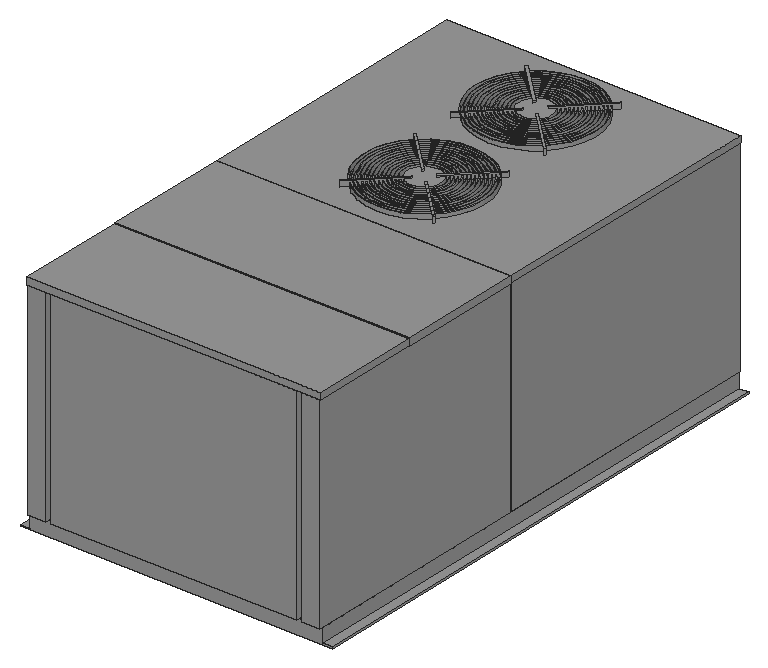
Revit family "CU-4", category Mechanical Equipment, host Face, Revit 2025
Family settings
  Host = Face
  Round Connector Dimension = Use Diameter
  Classification = None
  Part Type = Normal
  Cut with Voids When Loaded = No
  Maintain Annotation Orientation = No
  Shared = No
  Room Calculation Point = No
Parameters (values of type "MAC8X")
  x = 18.000"
  Width = 44.160"
  URL = "https://assets.heatcraftrpd.com/literature/installation-and-operation-manual/other/current/H-IM-67H.pdf"
  Model = "MAC 8X"
  Material = Aluminum 1100-O
  Manufacturer = "BOHN"
  Length = 78.780"
  Grill Material = Steel, Paint Finish, Dark Gray
  Default Elevation = 48.000"
Reference planes (in)
  plane 1 "Center (Front/Back)": y = 0
  plane 2: z = 0
  plane 3 "Center (Left/Right)": x = 0
  plane 4: z = 33.19
  plane 5: y = -3.63
  plane 6: z = 34.19
  plane 7: y = -22.93
  plane 8: y = 37.65625
  plane 9: x = -42.34375
  plane 10: x = -41.03125
  plane 11: x = -31.02125
  plane 12: x = -31.52125
  plane 13: x = -32.02125
  plane 14: x = -32.52125
  plane 15: x = -33.02125
  plane 16: x = -33.52125
  plane 17: x = -34.02125
  plane 18: x = -34.52125
  plane 19: x = -35.02125
  plane 20: x = -35.52125
  plane 21: x = -36.02125
  plane 22: x = -36.52125
  plane 23: x = -37.02125
  plane 24: x = -14.71875
  plane 25: x = -16.03125
  plane 26: y = 51.46875
  plane 27: y = 50.15625
  plane 28: y = 23.84375
  plane 29: y = 25.15625
  plane 30: x = -28.53125
  plane 31: through (0, 28.57, 48) normal (0.7071, 0.7071, 0)
  plane 32: through (-8.71898, 39.38485, 90.315) normal (0.7071, -0.7071, 0)
  plane 33: through (-8.83883, 37.40883, 90.315) normal (-0.7071, 0.7071, 0)
  plane 34: through (-1.7607, 30.3307, 48) normal (-0.7071, 0.7071, 0)
  plane 35: through (-2.11425, 30.68425, 48) normal (-0.7071, 0.7071, 0)
  plane 36: through (-2.4678, 31.0378, 48) normal (-0.7071, 0.7071, 0)
  plane 37: through (-2.82136, 31.39136, 48) normal (-0.7071, 0.7071, 0)
  plane 38: through (-3.17491, 31.74491, 48) normal (-0.7071, 0.7071, 0)
  plane 39: through (-3.52846, 32.09846, 48) normal (-0.7071, 0.7071, 0)
  plane 40: through (-3.88202, 32.45202, 48) normal (-0.7071, 0.7071, 0)
  plane 41: through (-4.23557, 32.80557, 48) normal (-0.7071, 0.7071, 0)
  plane 42: through (-4.58912, 33.15912, 48) normal (-0.7071, 0.7071, 0)
  plane 43: through (-4.94268, 33.51268, 48) normal (-0.7071, 0.7071, 0)
  plane 44: through (-5.29623, 33.86623, 48) normal (-0.7071, 0.7071, 0)
  plane 45: through (-5.64978, 34.21978, 48) normal (-0.7071, 0.7071, 0)
  plane 46: through (-6.00334, 34.57334, 48) normal (-0.7071, 0.7071, 0)
  plane 47: through (10.81485, 19.85102, 90.315) normal (0.7071, -0.7071, 0)
  plane 48: through (8.83883, 19.73117, 90.315) normal (-0.7071, 0.7071, 0)
  plane 49: through (8.71898, 39.38485, 90.315) normal (0.7071, 0.7071, 0)
  plane 50: through (8.83883, 37.40883, 90.315) normal (-0.7071, -0.7071, 0)
  plane 51: through (-10.81485, 19.85102, 90.315) normal (0.7071, 0.7071, 0)
  plane 52: through (-8.83883, 19.73117, 90.315) normal (-0.7071, -0.7071, 0)
  plane 53: through (7.07107, 35.64107, 48) normal (0.7071, -0.7071, 0)
  plane 54: through (0, 7.65693, 48) normal (0.7071, 0.7071, 0)
  plane 55: through (-8.71898, 18.47178, 90.315) normal (0.7071, -0.7071, 0)
  plane 56: through (-8.83883, 16.49577, 90.315) normal (-0.7071, 0.7071, 0)
  plane 57: through (-1.7607, 9.41763, 48) normal (-0.7071, 0.7071, 0)
  plane 58: through (-2.11425, 9.77118, 48) normal (-0.7071, 0.7071, 0)
  plane 59: through (-2.4678, 10.12474, 48) normal (-0.7071, 0.7071, 0)
  plane 60: through (-2.82136, 10.47829, 48) normal (-0.7071, 0.7071, 0)
  plane 61: through (-3.17491, 10.83184, 48) normal (-0.7071, 0.7071, 0)
  plane 62: through (-3.52846, 11.1854, 48) normal (-0.7071, 0.7071, 0)
  plane 63: through (-3.88202, 11.53895, 48) normal (-0.7071, 0.7071, 0)
  plane 64: through (-4.23557, 11.8925, 48) normal (-0.7071, 0.7071, 0)
  plane 65: through (-4.58912, 12.24606, 48) normal (-0.7071, 0.7071, 0)
  plane 66: through (-4.94268, 12.59961, 48) normal (-0.7071, 0.7071, 0)
  plane 67: through (-5.29623, 12.95316, 48) normal (-0.7071, 0.7071, 0)
  plane 68: through (-5.64978, 13.30672, 48) normal (-0.7071, 0.7071, 0)
  plane 69: through (-6.00334, 13.66027, 48) normal (-0.7071, 0.7071, 0)
  plane 70: through (10.81485, -1.06204, 90.315) normal (0.7071, -0.7071, 0)
  plane 71: through (8.83883, -1.1819, 90.315) normal (-0.7071, 0.7071, 0)
  plane 72: through (8.71898, 18.47178, 90.315) normal (0.7071, 0.7071, 0)
  plane 73: through (8.83883, 16.49577, 90.315) normal (-0.7071, -0.7071, 0)
  plane 74: through (-10.81485, -1.06204, 90.315) normal (0.7071, 0.7071, 0)
  plane 75: through (-8.83883, -1.1819, 90.315) normal (-0.7071, -0.7071, 0)
  plane 76: through (7.07107, 14.728, 48) normal (0.7071, -0.7071, 0)
Forms (in)
  Extrusion 1, solid, material "Aluminum 1100-O" <- "Material"
    sketch origin (0, 0, 0) x (1, 0, 0) y (0, 0, 1)
      loop
        line (21.93, 2.3) -> (-21.93, 2.3) -> (-21.93, 0.2) -> (-23.43, 0.2) -> (-23.43, 0) -> (23.43, 0) -> (23.43, 0.2) -> (21.93, 0.2) -> (21.93, 2.3)
    from -39.19 to 38.89
  Extrusion 2, solid, material "Aluminum 1100-O" <- "Material"
    sketch origin (-11, 0, 0) x (1, 0, 0) y (0, 1, 0)
      loop
        line (-8.23, -3.63) -> (-10.93, -3.63) -> (-10.93, -39.39) -> (-8.23, -39.39) -> (-8.23, -3.63)
    from 2.3 to 33.19
  Extrusion 3, solid, material "Aluminum 1100-O" <- "Material"
    sketch origin (30.16, 0, 0) x (1, 0, 0) y (0, 1, 0)
      loop
        line (-8.23, -3.63) -> (-10.93, -3.63) -> (-10.93, -39.39) -> (-8.23, -39.39) -> (-8.23, -3.63)
    from 2.3 to 33.19
  Extrusion 4, solid, material "Aluminum 1100-O" <- "Material"
    sketch origin (4, 46.5, 0) x (1, 0, 0) y (0, 1, 0)
      loop
        line (14.5, -7.11) -> (-22.5, -7.11) -> (-22.5, -85.89) -> (14.5, -85.89) -> (14.5, -7.11)
    from 2.3 to 33.19
  Extrusion 5, solid, material "Aluminum 1100-O" <- "Material"
    sketch origin (30.16, 43.25, 0) x (1, 0, 0) y (0, 1, 0)
      loop
        line (-8.23, -3.86) -> (-10.93, -3.86) -> (-10.93, -46.49146) -> (-8.23, -46.49146) -> (-8.23, -3.86)
    from 2.3 to 33.19
  Extrusion 6, solid, material "Aluminum 1100-O" <- "Material"
    sketch origin (-11.09, 43.25, 0) x (1, 0, 0) y (0, 1, 0)
      loop
        line (-8.14, -3.86) -> (-10.84, -3.86) -> (-10.84, -46.49146) -> (-8.14, -46.49146) -> (-8.14, -3.86)
    from 2.3 to 33.19
  Extrusion 7, solid, material "Aluminum 1100-O" <- "Material"
    sketch origin (0, 0, 0) x (1, 0, 0) y (0, 1, 0)
      loop
        line (-22.08, 39.39) -> (-22.08, -3.63) -> (22.08, -3.63) -> (22.08, 39.39) -> (-22.08, 39.39)
    from 33.19 to 34.19
  Extrusion 8, solid, material "Aluminum 1100-O" <- "Material"
    sketch origin (0, -43.02, 0) x (1, 0, 0) y (0, 1, 0)
      loop
        line (-22.08, 20.09) -> (-22.08, 3.63) -> (22.08, 3.63) -> (22.08, 20.09) -> (-22.08, 20.09)
    from 33.19 to 34.19
  Extrusion 9, solid, material "Steel, Paint Finish, Dark Gray" <- "Grill Material", not visible
    sketch origin (0, 0, 54.625) x (1, 0, 0) y (0, 1, 0)
      loop
        circle (-28.53125, 37.65625) r 2.49
      loop
        circle (-28.53125, 37.65625) r 3
      loop
        circle (-28.53125, 37.65625) r 3.49
      loop
        circle (-28.53125, 37.65625) r 3.99
      loop
        circle (-28.53125, 37.65625) r 4.49
      loop
        circle (-28.53125, 37.65625) r 4.99
      loop
        circle (-28.53125, 37.65625) r 5.49
      loop
        circle (-28.53125, 37.65625) r 5.99
      loop
        circle (-28.53125, 37.65625) r 6.49
      loop
        circle (-28.53125, 37.65625) r 6.99
      loop
        circle (-28.53125, 37.65625) r 7.49
      loop
        circle (-28.53125, 37.65625) r 7.99
      loop
        circle (-28.53125, 37.65625) r 8.49
      loop
        circle (-28.53125, 37.65625) r 8.99
      loop
        circle (-28.53125, 37.65625) r 3.43
      loop
        circle (-28.53125, 37.65625) r 3.93
      loop
        circle (-28.53125, 37.65625) r 4.43
      loop
        circle (-28.53125, 37.65625) r 4.93
      loop
        circle (-28.53125, 37.65625) r 5.43
      loop
        circle (-28.53125, 37.65625) r 5.93
      loop
        circle (-28.53125, 37.65625) r 6.43
      loop
        circle (-28.53125, 37.65625) r 6.93
      loop
        circle (-28.53125, 37.65625) r 7.43
      loop
        circle (-28.53125, 37.65625) r 7.93
      loop
        circle (-28.53125, 37.65625) r 8.43
      loop
        circle (-28.53125, 37.65625) r 8.93
      loop
        circle (-28.53125, 37.65625) r 2.94
    from 0 to 0.625
  Extrusion 10, solid, material "Steel, Paint Finish, Dark Gray" <- "Grill Material", not visible
    sketch origin (0, 0, 55.75) x (1, 0, 0) y (0, 1, 0)
      loop
        line (-38.53125, 37.78125) -> (-38.53125, 37.53125) -> (-30.02125, 37.53125) -> (-30.02125, 37.78125) -> (-38.53125, 37.78125)
    from -1.125 to -0.3427
  Extrusion 11, solid, material "Steel, Paint Finish, Dark Gray" <- "Grill Material", not visible
    sketch origin (-57.0625, 0, 55.75) x (-1, 0, 0) y (0, -1, 0)
      loop
        line (-38.53125, -37.78125) -> (-30.02125, -37.78125) -> (-30.02125, -37.53125) -> (-38.53125, -37.53125) -> (-38.53125, -37.78125)
    from -1.125 to -0.3427
  Extrusion 12, solid, material "Steel, Paint Finish, Dark Gray" <- "Grill Material", not visible
    sketch origin (9.125, 9.125, 55.75) x (0, -1, 0) y (1, 0, 0)
      loop
        line (-38.53125, -37.78125) -> (-30.02125, -37.78125) -> (-30.02125, -37.53125) -> (-38.53125, -37.53125) -> (-38.53125, -37.78125)
    from -1.125 to -0.3427
  Extrusion 13, solid, material "Steel, Paint Finish, Dark Gray" <- "Grill Material", not visible
    sketch origin (9.125, 66.1875, 55.75) x (0, 1, 0) y (-1, 0, 0)
      loop
        line (-38.53125, 37.78125) -> (-38.53125, 37.53125) -> (-30.02125, 37.53125) -> (-30.02125, 37.78125) -> (-38.53125, 37.78125)
    from -1.125 to -0.3427
  Extrusion 14, solid, material "Steel, Paint Finish, Dark Gray" <- "Grill Material"
    sketch origin (-6.45235, -18.23163, 34.19) x (0.707107, -0.707107, 0) y (0.707107, 0.707107, 0)
      loop
        circle (-28.53125, 37.65625) r 2.49
      loop
        circle (-28.53125, 37.65625) r 3
      loop
        circle (-28.53125, 37.65625) r 3.49
      loop
        circle (-28.53125, 37.65625) r 3.99
      loop
        circle (-28.53125, 37.65625) r 4.49
      loop
        circle (-28.53125, 37.65625) r 4.99
      loop
        circle (-28.53125, 37.65625) r 5.49
      loop
        circle (-28.53125, 37.65625) r 5.99
      loop
        circle (-28.53125, 37.65625) r 6.49
      loop
        circle (-28.53125, 37.65625) r 6.99
      loop
        circle (-28.53125, 37.65625) r 7.49
      loop
        circle (-28.53125, 37.65625) r 7.99
      loop
        circle (-28.53125, 37.65625) r 8.49
      loop
        circle (-28.53125, 37.65625) r 8.99
      loop
        circle (-28.53125, 37.65625) r 3.43
      loop
        circle (-28.53125, 37.65625) r 3.93
      loop
        circle (-28.53125, 37.65625) r 4.43
      loop
        circle (-28.53125, 37.65625) r 4.93
      loop
        circle (-28.53125, 37.65625) r 5.43
      loop
        circle (-28.53125, 37.65625) r 5.93
      loop
        circle (-28.53125, 37.65625) r 6.43
      loop
        circle (-28.53125, 37.65625) r 6.93
      loop
        circle (-28.53125, 37.65625) r 7.43
      loop
        circle (-28.53125, 37.65625) r 7.93
      loop
        circle (-28.53125, 37.65625) r 8.43
      loop
        circle (-28.53125, 37.65625) r 8.93
      loop
        circle (-28.53125, 37.65625) r 2.94
    from 0 to 0.625
  Extrusion 15, solid, material "Steel, Paint Finish, Dark Gray" <- "Grill Material"
    sketch origin (-6.45235, -18.23163, 35.315) x (0.707107, -0.707107, 0) y (0.707107, 0.707107, 0)
      loop
        line (-38.53125, 37.78125) -> (-38.53125, 37.53125) -> (-30.02125, 37.53125) -> (-30.02125, 37.78125) -> (-38.53125, 37.78125)
    from -1.125 to -0.3427
  Extrusion 16, solid, material "Steel, Paint Finish, Dark Gray" <- "Grill Material"
    sketch origin (-46.80163, 22.11765, 35.315) x (-0.707107, 0.707107, 0) y (-0.707107, -0.707107, 0)
      loop
        line (-38.53125, -37.78125) -> (-30.02125, -37.78125) -> (-30.02125, -37.53125) -> (-38.53125, -37.53125) -> (-38.53125, -37.78125)
    from -1.125 to -0.3427
  Extrusion 17, solid, material "Steel, Paint Finish, Dark Gray" <- "Grill Material"
    sketch origin (6.45235, -18.23163, 35.315) x (-0.707107, -0.707107, 0) y (0.707107, -0.707107, 0)
      loop
        line (-38.53125, -37.78125) -> (-30.02125, -37.78125) -> (-30.02125, -37.53125) -> (-38.53125, -37.53125) -> (-38.53125, -37.78125)
    from -1.125 to -0.3427
  Extrusion 18, solid, material "Steel, Paint Finish, Dark Gray" <- "Grill Material"
    sketch origin (46.80163, 22.11765, 35.315) x (0.707107, 0.707107, 0) y (-0.707107, 0.707107, 0)
      loop
        line (-38.53125, 37.78125) -> (-38.53125, 37.53125) -> (-30.02125, 37.53125) -> (-30.02125, 37.78125) -> (-38.53125, 37.78125)
    from -1.125 to -0.3427
  Extrusion 19, solid, material "Steel, Paint Finish, Dark Gray" <- "Grill Material"
    sketch origin (-6.45235, -39.1447, 34.19) x (0.707107, -0.707107, 0) y (0.707107, 0.707107, 0)
      loop
        circle (-28.53125, 37.65625) r 2.49
      loop
        circle (-28.53125, 37.65625) r 3
      loop
        circle (-28.53125, 37.65625) r 3.49
      loop
        circle (-28.53125, 37.65625) r 3.99
      loop
        circle (-28.53125, 37.65625) r 4.49
      loop
        circle (-28.53125, 37.65625) r 4.99
      loop
        circle (-28.53125, 37.65625) r 5.49
      loop
        circle (-28.53125, 37.65625) r 5.99
      loop
        circle (-28.53125, 37.65625) r 6.49
      loop
        circle (-28.53125, 37.65625) r 6.99
      loop
        circle (-28.53125, 37.65625) r 7.49
      loop
        circle (-28.53125, 37.65625) r 7.99
      loop
        circle (-28.53125, 37.65625) r 8.49
      loop
        circle (-28.53125, 37.65625) r 8.99
      loop
        circle (-28.53125, 37.65625) r 3.43
      loop
        circle (-28.53125, 37.65625) r 3.93
      loop
        circle (-28.53125, 37.65625) r 4.43
      loop
        circle (-28.53125, 37.65625) r 4.93
      loop
        circle (-28.53125, 37.65625) r 5.43
      loop
        circle (-28.53125, 37.65625) r 5.93
      loop
        circle (-28.53125, 37.65625) r 6.43
      loop
        circle (-28.53125, 37.65625) r 6.93
      loop
        circle (-28.53125, 37.65625) r 7.43
      loop
        circle (-28.53125, 37.65625) r 7.93
      loop
        circle (-28.53125, 37.65625) r 8.43
      loop
        circle (-28.53125, 37.65625) r 8.93
      loop
        circle (-28.53125, 37.65625) r 2.94
    from 0 to 0.625
  Extrusion 20, solid, material "Steel, Paint Finish, Dark Gray" <- "Grill Material"
    sketch origin (-6.45235, -39.1447, 35.315) x (0.707107, -0.707107, 0) y (0.707107, 0.707107, 0)
      loop
        line (-38.53125, 37.78125) -> (-38.53125, 37.53125) -> (-30.02125, 37.53125) -> (-30.02125, 37.78125) -> (-38.53125, 37.78125)
    from -1.125 to -0.3427
  Extrusion 21, solid, material "Steel, Paint Finish, Dark Gray" <- "Grill Material"
    sketch origin (-46.80163, 1.20459, 35.315) x (-0.707107, 0.707107, 0) y (-0.707107, -0.707107, 0)
      loop
        line (-38.53125, -37.78125) -> (-30.02125, -37.78125) -> (-30.02125, -37.53125) -> (-38.53125, -37.53125) -> (-38.53125, -37.78125)
    from -1.125 to -0.3427
  Extrusion 22, solid, material "Steel, Paint Finish, Dark Gray" <- "Grill Material"
    sketch origin (6.45235, -39.1447, 35.315) x (-0.707107, -0.707107, 0) y (0.707107, -0.707107, 0)
      loop
        line (-38.53125, -37.78125) -> (-30.02125, -37.78125) -> (-30.02125, -37.53125) -> (-38.53125, -37.53125) -> (-38.53125, -37.78125)
    from -1.125 to -0.3427
  Extrusion 23, solid, material "Steel, Paint Finish, Dark Gray" <- "Grill Material"
    sketch origin (46.80163, 1.20459, 35.315) x (0.707107, 0.707107, 0) y (-0.707107, 0.707107, 0)
      loop
        line (-38.53125, 37.78125) -> (-38.53125, 37.53125) -> (-30.02125, 37.53125) -> (-30.02125, 37.78125) -> (-38.53125, 37.78125)
    from -1.125 to -0.3427
  Extrusion 24, solid, material "Aluminum 1100-O" <- "Material"
    sketch origin (-2.7, -26.56, 0) x (1, 0, 0) y (0, 1, 0)
      loop
        line (-19.38, 22.80369) -> (-19.38, 3.80802) -> (24.78, 3.80802) -> (24.78, 22.80369) -> (-19.38, 22.80369)
    from 33.19 to 34.19
  Extrusion 25, void
    sketch origin (0, 0, 0) x (1, 0, 0) y (0, 1, 0)
      loop
        circle (0, 28.57) r 8.99
      loop
        circle (0, 7.65693) r 8.99
    from 24.81227 to 34.19
Cuts and joins
  Extrusion 25 cuts Extrusion 1
  Extrusion 25 cuts Extrusion 4
  Extrusion 25 cuts Extrusion 8
  Extrusion 25 cuts Extrusion 24
  Extrusion 25 cuts Extrusion 7
Dimensions and locks (in)
  equal spacing: Extrusion 1 sketch curve, plane 3 "Center (Left/Right)", Extrusion 1 sketch curve
  Extrusion 1 sketch curve to Extrusion 1 sketch curve = 46.860"
  plane 4 to level = 33.190"
  Extrusion 4 sketch curve to Extrusion 4 sketch curve = 37.000"  (x2)
  plane 7 to Extrusion 8 = 16.460"
  Extrusion 24 sketch curve to Extrusion 24 sketch curve = 44.160"
  "Width": Extrusion 24 sketch curve to Extrusion 24 sketch curve
  aligned and locked: plane 2 to host face
  aligned and locked: level to host face
Automatic sketch dimensions
  Extrusion 9 sketch curve to Extrusion 9 sketch curve = 0.000"  (x702)
  Extrusion 9 sketch curve to plane 8 = 0.000"
  Extrusion 9 sketch curve to plane 11 = 2.490"
  plane 8 to Extrusion 10 sketch curve = 0.125"
  Extrusion 10 sketch curve to plane 10 = 2.500"
  Extrusion 10 sketch curve to plane 8 = 0.125"
  Extrusion 10 sketch curve to Extrusion 10 sketch curve = 8.510"
  Extrusion 14 sketch curve to Extrusion 14 sketch curve = 0.000"  (x702)
  Extrusion 14 sketch curve to plane 31 = 0.000"
  Extrusion 14 sketch curve to plane 34 = 2.490"
  plane 31 to Extrusion 15 sketch curve = 0.125"
  Extrusion 15 sketch curve to plane 33 = 2.500"
  Extrusion 15 sketch curve to plane 31 = 0.125"
  Extrusion 15 sketch curve to Extrusion 15 sketch curve = 8.510"
  plane 31 to Extrusion 16 sketch curve = 0.125"
  Extrusion 16 sketch curve to plane 48 = 2.500"
  Extrusion 16 sketch curve to plane 31 = 0.125"
  Extrusion 16 sketch curve to Extrusion 16 sketch curve = 8.510"
  Extrusion 17 sketch curve to plane 50 = 2.500"
  plane 31 to Extrusion 17 sketch curve = 1.490"
  Extrusion 17 sketch curve to Extrusion 17 sketch curve = 0.250"
  Extrusion 18 sketch curve to plane 52 = 2.500"
  Extrusion 18 sketch curve to plane 31 = 1.490"
  Extrusion 18 sketch curve to Extrusion 18 sketch curve = 0.250"
  Extrusion 19 sketch curve to Extrusion 19 sketch curve = 0.000"  (x702)
  Extrusion 19 sketch curve to plane 54 = 0.000"
  Extrusion 19 sketch curve to plane 57 = 2.490"
  plane 54 to Extrusion 20 sketch curve = 0.125"
  Extrusion 20 sketch curve to plane 56 = 2.500"
  Extrusion 20 sketch curve to plane 54 = 0.125"
  Extrusion 20 sketch curve to Extrusion 20 sketch curve = 8.510"
  plane 54 to Extrusion 21 sketch curve = 0.125"
  Extrusion 21 sketch curve to plane 71 = 2.500"
  Extrusion 21 sketch curve to plane 54 = 0.125"
  Extrusion 21 sketch curve to Extrusion 21 sketch curve = 8.510"
  Extrusion 22 sketch curve to plane 73 = 2.500"
  plane 54 to Extrusion 22 sketch curve = 1.490"
  Extrusion 22 sketch curve to Extrusion 22 sketch curve = 0.250"
  Extrusion 23 sketch curve to plane 75 = 2.500"
  Extrusion 23 sketch curve to plane 54 = 1.490"
  Extrusion 23 sketch curve to Extrusion 23 sketch curve = 0.250"
  host sketch curve to host sketch curve = 96.000"  (x2)
  Extrusion 1 sketch curve to level = 0.000"
  level to Extrusion 1 sketch curve = 0.200"  (x2)
  Extrusion 1 sketch curve to Extrusion 1 sketch curve = 1.500"  (x2)
  Extrusion 1 sketch curve to Extrusion 1 sketch curve = 2.100"
  Extrusion 2 sketch curve to plane 5 = 0.000"
  Extrusion 2 sketch curve to plane 3 "Center (Left/Right)" = 21.930"
  Extrusion 2 sketch curve to Extrusion 2 sketch curve = 2.700"
  Extrusion 2 sketch curve to plane 7 = 16.460"
  Extrusion 3 sketch curve to plane 5 = 0.000"
  plane 3 "Center (Left/Right)" to Extrusion 3 sketch curve = 19.230"
  Extrusion 3 sketch curve to Extrusion 3 sketch curve = 2.700"
  Extrusion 3 sketch curve to plane 7 = 16.460"
  Extrusion 4 sketch curve to plane 3 "Center (Left/Right)" = 18.500"
  Extrusion 4 sketch curve to plane 7 = 16.460"
  Extrusion 4 sketch curve to plane 1 "Center (Front/Back)" = 39.390"
  plane 3 "Center (Left/Right)" to Extrusion 5 sketch curve = 19.230"
  plane 5 to Extrusion 5 sketch curve = 0.38854"
  Extrusion 5 sketch curve to Extrusion 5 sketch curve = 2.700"
  Extrusion 5 sketch curve to plane 1 "Center (Front/Back)" = 39.390"
  Extrusion 6 sketch curve to plane 3 "Center (Left/Right)" = 21.930"
  plane 5 to Extrusion 6 sketch curve = 0.38854"
  Extrusion 6 sketch curve to Extrusion 6 sketch curve = 2.700"
  Extrusion 6 sketch curve to plane 1 "Center (Front/Back)" = 39.390"
  Extrusion 8 sketch curve to plane 7 = 0.000"
  Extrusion 8 sketch curve to plane 7 = 16.460"
  Extrusion 8 sketch curve to plane 3 "Center (Left/Right)" = 22.080"
  plane 3 "Center (Left/Right)" to Extrusion 8 sketch curve = 22.080"
  Extrusion 7 sketch curve to plane 5 = 0.000"
  Extrusion 7 sketch curve to plane 1 "Center (Front/Back)" = 39.390"
  Extrusion 7 sketch curve to plane 3 "Center (Left/Right)" = 22.080"
  plane 3 "Center (Left/Right)" to Extrusion 7 sketch curve = 22.080"
  Extrusion 25 sketch curve to plane 3 "Center (Left/Right)" = 0.000"  (x2)
  Extrusion 25 sketch curve to plane 54 = 0.000"
  Extrusion 25 sketch curve to plane 31 = 0.000"
  plane 7 to Extrusion 24 sketch curve = 0.17802"
  Extrusion 24 sketch curve to plane 3 "Center (Left/Right)" = 22.080"
  Extrusion 24 sketch curve to plane 5 = 0.12631"
  radius of Extrusion 9 sketch curve = 2.490"
  radius of Extrusion 9 sketch curve = 3.000"
  radius of Extrusion 9 sketch curve = 3.490"
  radius of Extrusion 9 sketch curve = 3.990"
  radius of Extrusion 9 sketch curve = 4.490"
  radius of Extrusion 9 sketch curve = 4.990"
  radius of Extrusion 9 sketch curve = 5.490"
  radius of Extrusion 9 sketch curve = 5.990"
  radius of Extrusion 9 sketch curve = 6.490"
  radius of Extrusion 9 sketch curve = 6.990"
  radius of Extrusion 9 sketch curve = 7.490"
  radius of Extrusion 9 sketch curve = 7.990"
  radius of Extrusion 9 sketch curve = 8.490"
  radius of Extrusion 9 sketch curve = 8.990"
  radius of Extrusion 9 sketch curve = 3.430"
  radius of Extrusion 9 sketch curve = 3.930"
  radius of Extrusion 9 sketch curve = 4.430"
  radius of Extrusion 9 sketch curve = 4.930"
  radius of Extrusion 9 sketch curve = 5.430"
  radius of Extrusion 9 sketch curve = 5.930"
  radius of Extrusion 9 sketch curve = 6.430"
  radius of Extrusion 9 sketch curve = 6.930"
  radius of Extrusion 9 sketch curve = 7.430"
  radius of Extrusion 9 sketch curve = 7.930"
  radius of Extrusion 9 sketch curve = 8.430"
  radius of Extrusion 9 sketch curve = 8.930"
  radius of Extrusion 9 sketch curve = 2.940"
  radius of Extrusion 14 sketch curve = 2.490"
  radius of Extrusion 14 sketch curve = 3.000"
  radius of Extrusion 14 sketch curve = 3.490"
  radius of Extrusion 14 sketch curve = 3.990"
  radius of Extrusion 14 sketch curve = 4.490"
  radius of Extrusion 14 sketch curve = 4.990"
  radius of Extrusion 14 sketch curve = 5.490"
  radius of Extrusion 14 sketch curve = 5.990"
  radius of Extrusion 14 sketch curve = 6.490"
  radius of Extrusion 14 sketch curve = 6.990"
  radius of Extrusion 14 sketch curve = 7.490"
  radius of Extrusion 14 sketch curve = 7.990"
  radius of Extrusion 14 sketch curve = 8.490"
  radius of Extrusion 14 sketch curve = 8.990"
  radius of Extrusion 14 sketch curve = 3.430"
  radius of Extrusion 14 sketch curve = 3.930"
  radius of Extrusion 14 sketch curve = 4.430"
  radius of Extrusion 14 sketch curve = 4.930"
  radius of Extrusion 14 sketch curve = 5.430"
  radius of Extrusion 14 sketch curve = 5.930"
  radius of Extrusion 14 sketch curve = 6.430"
  radius of Extrusion 14 sketch curve = 6.930"
  radius of Extrusion 14 sketch curve = 7.430"
  radius of Extrusion 14 sketch curve = 7.930"
  radius of Extrusion 14 sketch curve = 8.430"
  radius of Extrusion 14 sketch curve = 8.930"
  radius of Extrusion 14 sketch curve = 2.940"
  radius of Extrusion 19 sketch curve = 2.490"
  radius of Extrusion 19 sketch curve = 3.000"
  radius of Extrusion 19 sketch curve = 3.490"
  radius of Extrusion 19 sketch curve = 3.990"
  radius of Extrusion 19 sketch curve = 4.490"
  radius of Extrusion 19 sketch curve = 4.990"
  radius of Extrusion 19 sketch curve = 5.490"
  radius of Extrusion 19 sketch curve = 5.990"
  radius of Extrusion 19 sketch curve = 6.490"
  radius of Extrusion 19 sketch curve = 6.990"
  radius of Extrusion 19 sketch curve = 7.490"
  radius of Extrusion 19 sketch curve = 7.990"
  radius of Extrusion 19 sketch curve = 8.490"
  radius of Extrusion 19 sketch curve = 8.990"
  radius of Extrusion 19 sketch curve = 3.430"
  radius of Extrusion 19 sketch curve = 3.930"
  radius of Extrusion 19 sketch curve = 4.430"
  radius of Extrusion 19 sketch curve = 4.930"
  radius of Extrusion 19 sketch curve = 5.430"
  radius of Extrusion 19 sketch curve = 5.930"
  radius of Extrusion 19 sketch curve = 6.430"
  radius of Extrusion 19 sketch curve = 6.930"
  radius of Extrusion 19 sketch curve = 7.430"
  radius of Extrusion 19 sketch curve = 7.930"
  radius of Extrusion 19 sketch curve = 8.430"
  radius of Extrusion 19 sketch curve = 8.930"
  radius of Extrusion 19 sketch curve = 2.940"
  radius of Extrusion 25 sketch curve = 8.990"  (x2)
